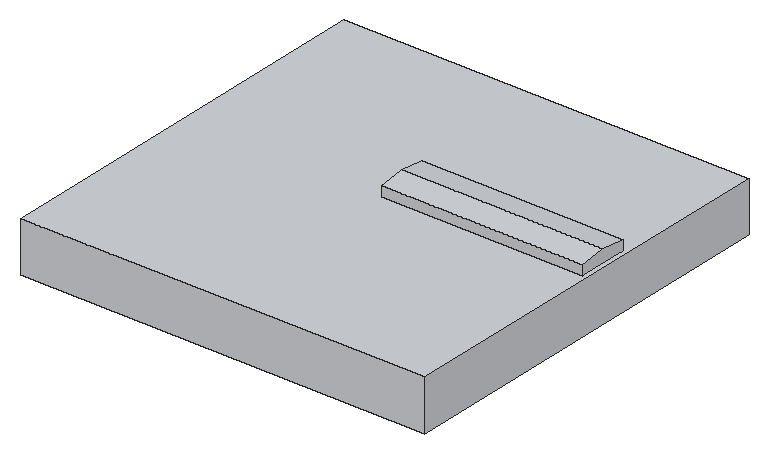
Revit family
Parameters
  Width = 1' - 0"
  URL = "www.coldspringgranite.com"
  TypicalJointSize = 0' - 0 1/4"
  StopDripRightVisibilityOn = and(and(DripOn), not(StopDripRightVisibilityOff))  # no
  StopDripRightVisibilityOff = and(DripStopRight = 0' 0", and(DripOn))  # yes
  StopDripLeftVisibilityOn = and(and(DripOn), not(StopDripLeftVisibilityOff))  # no
  StopDripLeftVisibilityOff = and(DripStopLeft = 0' 0", and(DripOn))  # yes
  StoneRidgePlacement = Width / 2  # 0' - 6"
  StoneMaterial = none
  StoneAngle = 7.00°
  SettingSpace = Height + AirGap  # 0' - 4"
  Product Name = "Match Website"
  Product Documentation Link = "Website Address"
  PhoneNumber = "800-551-7502"
  Notes = ""
  Model = "N/A"
  Manufacturer = "Cold Spring Granite Company"
  Low Emitting Material = yes
  Low Emitting Finish = yes
  Location = "17482 Granite West Road, Cold Spring, MN 56320-4578"
  Length = 4' - 0"
  LEED Credit = ""
  Keynote = "044256"
  JointRightOff = no
  JointRight = if(JointRightOff, 0' 0", TypicalJointSize / 2)  # 0' - 0 1/8"
  JointLeftOff = no
  JointLeft = if(JointLeftOff, 0' 0", TypicalJointSize / 2)  # 0' - 0 1/8"
  Height = 0' - 3 1/16"
  DripWidth = 0' - 0 1/4"
  DripVisibilityOff = not(DripOn)  # no
  DripToEdge = 0' - 0 1/2"
  DripStopRight = 0' - 0"
  DripStopLeft = 0' - 0"
  DripOnProfile = if(DripOn, 0' 0", Height)  # 0' - 0"
  DripOn = yes
  DripDepth = 0' - 0 1/4"
  Description = "Stone Coping Two Way Wash"
  Default Elevation = 0' - 0"
  CapOverhang = 0' - 1"
  Assembly Code = "B2010160"
  AirGap = 0' - 0 15/16"
Reference planes (in)
  plane 1 "Center (Front/Back)": y = 0
  plane 2: z = 0
  plane 3 "Center (Left/Right)": x = 0
  plane 4 "StoneBack": y = 11
  plane 5 "StoneFront": y = -1
  plane 6 "StoneTop": z = 4
  plane 7 "StoneBottom": z = 0.9375
  plane 8 "Right": x = 48
  plane 9 "StoneRight": x = 47.875
  plane 10 "StoneLeft": x = 0.125
  plane 11 "StoneRidge": y = 5
  plane 12 "DripTop": z = 1.1875
  plane 13 "DripBottom": z = 0.9375
  plane 14 "StopDripLeft": x = 0.125
  plane 15 "StopDripRight": x = 47.875
  plane 16 "BackDripFront": y = 10.5
  plane 17 "BackDripBack": y = 10.25
  plane 18 "FrontDripFront": y = -0.5
  plane 19 "FrontDripBack": y = -0.25
Forms (in)
  Extrusion 1, solid
    sketch origin (0, 0, 0) x (1, 0, 0) y (0, 1, 0)
      loop
        line (-48, 48) -> (-48, -48) -> (48, -48) -> (48, 48) -> (-48, 48)
    from 0 to -12
  Extrusion 2, solid, material <- "StoneMaterial", detail levels medium+fine
    sketch origin (0, -1, 0) x (0, 1, 0) y (0, 0, 1)
      loop
        line (6, 4) -> (0, 3.26329) -> (0, 0.9375) -> (12, 0.9375) -> (12, 3.26329) -> (6, 4)
    from 0.125 to 47.875
  Extrusion 3, solid, material <- "StoneMaterial", detail levels coarse
    sketch origin (0, 0, 0) x (0, 1, 0) y (0, 0, 1)
      loop
        line (11, 4) -> (-1, 4) -> (-1, 0.9375) -> (11, 0.9375) -> (11, 4)
    from 0 to 48
  Extrusion 4, void, detail levels medium+fine
    sketch origin (0, 0, 4) x (0, 1, 0) y (-1, 0, 0)
      loop
        line (-0.5, -0.125) -> (-0.5, -47.875) -> (-0.25, -47.875) -> (-0.25, -0.125) -> (-0.5, -0.125)
      loop
        line (10.25, -0.125) -> (10.25, -47.875) -> (10.5, -47.875) -> (10.5, -0.125) -> (10.25, -0.125)
    from -3.0625 to -2.8125
Cuts and joins
  Extrusion 4 cuts Extrusion 2
  Extrusion 4 cuts Extrusion 3
Lines and regions (in)
  Masking region 1, visible <- "DripVisibilityOff", detail levels medium+fine
    outline origin (0, 0, 0) x (0, 1, 0) y (0, 0, 1)
      loop
        line (5, 4) -> (-1, 3.26329) -> (-1, 0.9375) -> (11, 0.9375) -> (11, 3.26329) -> (5, 4)
  Masking region 2, detail levels coarse
    outline origin (0, 0, 0) x (0, 1, 0) y (0, 0, 1)
      loop
        line (11, 0.9375) -> (11, 4) -> (-1, 4) -> (-1, 0.9375) -> (11, 0.9375)
  Masking region 3, detail levels coarse
    outline origin (0, -1, 0) x (0, 0, -1) y (-1, 0, 0)
      loop
        line (-0.9375, 0) -> (-4, 0) -> (-4, -48) -> (-0.9375, -48) -> (-0.9375, 0)
  Masking region 4, detail levels medium+fine
    outline origin (0, -1, 0) x (0, 0, -1) y (-1, 0, 0)
      loop
        line (-0.9375, -47.875) -> (-0.9375, -0.125) -> (-4, -0.125) -> (-4, -47.875) -> (-0.9375, -47.875)
  Masking region 5, detail levels coarse
    outline origin (0, 0, 4) x (0, 1, 0) y (-1, 0, 0)
      loop
        line (11, 0) -> (-1, 0) -> (-1, -48) -> (11, -48) -> (11, 0)
  Masking region 6, detail levels medium+fine
    outline origin (0, 0, 4) x (0, 1, 0) y (-1, 0, 0)
      loop
        line (11, -0.125) -> (-1, -0.125) -> (-1, -47.875) -> (11, -47.875) -> (11, -0.125)
  Masking region 7, visible <- "DripOn", detail levels fine
    outline origin (0, 0, 0) x (0, 1, 0) y (0, 0, 1)
      loop
        line (5, 4) -> (-1, 3.26329) -> (-1, 0.9375) -> (-0.5, 0.9375) -> (-0.5, 1.1875) -> (-0.25, 1.1875) -> (-0.25, 0.9375) -> (10.25, 0.9375) -> (10.25, 1.1875) -> (10.5, 1.1875) -> (10.5, 0.9375) -> (11, 0.9375) -> (11, 3.26329) -> (5, 4)
  Masking region 8, visible <- "StopDripLeftVisibilityOff", detail levels medium
    outline origin (0.125, 0, 0) x (0, 0, 1) y (0, -1, 0)
      loop
        line (4, -5) -> (3.26329, 1) -> (0.9375, 1) -> (0.9375, 0.5) -> (1.1875, 0.5) -> (1.1875, 0.25) -> (0.9375, 0.25) -> (0.9375, -10.25) -> (1.1875, -10.25) -> (1.1875, -10.5) -> (0.9375, -10.5) -> (0.9375, -11) -> (3.26329, -11) -> (4, -5)
  Masking region 9, visible <- "StopDripRightVisibilityOff", detail levels medium
    outline origin (47.875, 0, 0) x (0, 0, 1) y (0, -1, 0)
      loop
        line (4, -5) -> (3.26329, 1) -> (0.9375, 1) -> (0.9375, 0.5) -> (1.1875, 0.5) -> (1.1875, 0.25) -> (0.9375, 0.25) -> (0.9375, -10.25) -> (1.1875, -10.25) -> (1.1875, -10.5) -> (0.9375, -10.5) -> (0.9375, -11) -> (3.26329, -11) -> (4, -5)
  Masking region 10, visible <- "StopDripLeftVisibilityOn", detail levels medium
    outline origin (0.125, 0, 0) x (0, 0, 1) y (0, -1, 0)
      loop
        line (4, -5) -> (3.26329, 1) -> (0.9375, 1) -> (0.9375, -11) -> (3.26329, -11) -> (4, -5)
  Masking region 11, visible <- "StopDripRightVisibilityOn", detail levels medium
    outline origin (47.875, 0, 0) x (0, 0, 1) y (0, -1, 0)
      loop
        line (4, -5) -> (3.26329, 1) -> (0.9375, 1) -> (0.9375, -11) -> (3.26329, -11) -> (4, -5)
  Masking region 12, visible <- "DripOn", detail levels medium+fine
    outline origin (0, 0, 0.9375) x (-1, 0, 0) y (0, -1, 0)
      loop
        line (-0.125, -10.5) -> (-0.125, -10.25) -> (-47.875, -10.25) -> (-47.875, -10.5) -> (-0.125, -10.5)
      loop
        line (-0.125, 0.25) -> (-0.125, 0.5) -> (-47.875, 0.5) -> (-47.875, 0.25) -> (-0.125, 0.25)
  reference lines
    curve 1: line (0, 5, 4) -> (0, 11, 3.26329)
    curve 2: line (0, 5, 4) -> (0, -1, 3.26329)
  symbolic lines, detail levels medium
    curve 3: line (47.875, 11, 3.26329) -> (0.125, 11, 3.26329)
  symbolic lines, detail levels medium+fine
    curve 4: line (0.125, 5, 4) -> (47.875, 5, 4)
  symbolic lines, visible <- "DripOn", detail levels fine
    curve 5: line (0.125, 11, 0.9375) -> (0.125, 11, 1.1875)
    curve 6: line (0.125, 11, 1.1875) -> (47.875, 11, 1.1875)
    curve 7: line (47.875, 11, 0.9375) -> (47.875, 11, 1.1875)
Dimensions and locks (in)
  "Length": plane 8 "Right" to plane 3 "Center (Left/Right)"
  "JointLeft": plane 10 "StoneLeft" to plane 3 "Center (Left/Right)"
  "JointRight": plane 8 "Right" to plane 9 "StoneRight"
  "Height": plane 6 "StoneTop" to plane 7 "StoneBottom"
  "SettingSpace": plane 6 "StoneTop" to plane 2
  "Width": plane 4 "StoneBack" to plane 5 "StoneFront"
  "CapOverhang": plane 1 "Center (Front/Back)" to plane 5 "StoneFront"
  "StoneRidgePlacement": plane 11 "StoneRidge" to plane 5 "StoneFront"
  "DripOnProfile": plane 7 "StoneBottom" to plane 13 "DripBottom"
  "DripDepth": plane 12 "DripTop" to plane 13 "DripBottom"
  "DripStopLeft": plane 14 "StopDripLeft" to plane 10 "StoneLeft"
  "DripStopRight": plane 15 "StopDripRight" to plane 9 "StoneRight"
  "DripToEdge": plane 4 "StoneBack" to plane 16 "BackDripFront"
  "DripToEdge": plane 18 "FrontDripFront" to plane 5 "StoneFront"
  "DripWidth": plane 16 "BackDripFront" to plane 17 "BackDripBack"
  "DripWidth": plane 19 "FrontDripBack" to plane 18 "FrontDripFront"
  "StoneAngle": angle curve 2 to plane 2
  "StoneAngle": angle plane 2 to curve 1
  aligned and locked: plane 2 to Extrusion 1
  aligned and locked: level to Extrusion 1
  aligned and locked: plane 11 "StoneRidge" to curve 2
  aligned and locked: plane 6 "StoneTop" to curve 2
  aligned and locked: plane 4 "StoneBack" to curve 1
  aligned and locked: plane 5 "StoneFront" to curve 2
  aligned and locked: Masking region 1 sketch curve to curve 1
  aligned and locked: Masking region 1 sketch curve to curve 2
  aligned and locked: plane 5 "StoneFront" to Masking region 1 sketch curve
  aligned and locked: plane 7 "StoneBottom" to Masking region 1 sketch curve
  aligned and locked: plane 4 "StoneBack" to Masking region 1 sketch curve
  aligned and locked: Extrusion 2 sketch curve to curve 1
  aligned and locked: Extrusion 2 sketch curve to curve 2
  aligned and locked: Extrusion 2 sketch curve to Masking region 1  (x3)
  aligned and locked: Extrusion 2 to plane 10 "StoneLeft"
  aligned and locked: plane 9 "StoneRight" to Extrusion 2
  aligned and locked: plane 4 "StoneBack" to Masking region 2 sketch curve
  aligned and locked: plane 5 "StoneFront" to Masking region 2 sketch curve
  aligned and locked: plane 6 "StoneTop" to Masking region 2 sketch curve
  aligned and locked: Extrusion 3 to plane 3 "Center (Left/Right)"
  aligned and locked: plane 8 "Right" to Extrusion 3
  aligned and locked: Masking region 3 sketch curve to Extrusion 3  (x2)
  aligned: Masking region 3 sketch curve to Extrusion 3  (x2)
  aligned and locked: Masking region 4 sketch curve to Extrusion 2  (x4)
  aligned: Extrusion 2 to curve 3
  aligned and locked: plane 10 "StoneLeft" to curve 3
  aligned and locked: plane 9 "StoneRight" to curve 3
  aligned and locked: curve 3 to Extrusion 2
  aligned and locked: Extrusion 3 to Masking region 5 sketch curve  (x2)
  aligned: Masking region 5 sketch curve to Extrusion 3
  aligned and locked: Masking region 6 sketch curve to Extrusion 2  (x4)
  aligned and locked: Extrusion 2 to curve 4
  aligned and locked: plane 10 "StoneLeft" to curve 4
  aligned and locked: plane 9 "StoneRight" to curve 4
  aligned and locked: Masking region 2 sketch curve to plane 7 "StoneBottom"
  aligned and locked: Masking region 3 sketch curve to plane 7 "StoneBottom"
  aligned and locked: Extrusion 3 sketch curve to plane 4 "StoneBack"
  aligned and locked: plane 5 "StoneFront" to Extrusion 3 sketch curve
  aligned and locked: plane 7 "StoneBottom" to Extrusion 3 sketch curve
  aligned and locked: Extrusion 3 sketch curve to plane 6 "StoneTop"
  aligned and locked: Masking region 3 to plane 6 "StoneTop"
  aligned and locked: Masking region 5 sketch curve to plane 4 "StoneBack"
  aligned and locked: Masking region 5 sketch curve to plane 5 "StoneFront"
  aligned and locked: Extrusion 4 sketch curve to plane 18 "FrontDripFront"
  aligned and locked: Extrusion 4 sketch curve to plane 19 "FrontDripBack"
  aligned and locked: Extrusion 4 sketch curve to plane 17 "BackDripBack"
  aligned and locked: Extrusion 4 sketch curve to plane 16 "BackDripFront"
  aligned and locked: Extrusion 4 sketch curve to plane 14 "StopDripLeft"  (x2)
  aligned and locked: Extrusion 4 sketch curve to plane 15 "StopDripRight"  (x2)
  aligned and locked: Extrusion 4 to plane 13 "DripBottom"
  aligned and locked: Extrusion 4 to plane 12 "DripTop"
  aligned and locked: plane 14 "StopDripLeft" to curve 5
  aligned and locked: plane 15 "StopDripRight" to curve 7
  aligned and locked: plane 13 "DripBottom" to curve 5
  aligned and locked: curve 7 to plane 13 "DripBottom"
  aligned and locked: plane 12 "DripTop" to curve 5
  aligned and locked: plane 14 "StopDripLeft" to curve 6
  aligned and locked: curve 7 to plane 12 "DripTop"
  aligned and locked: plane 15 "StopDripRight" to curve 6
  aligned and locked: Masking region 7 sketch curve to curve 1
  aligned and locked: Masking region 7 sketch curve to curve 2
  aligned and locked: plane 4 "StoneBack" to Masking region 7 sketch curve
  aligned and locked: plane 5 "StoneFront" to Masking region 7 sketch curve
  aligned and locked: plane 13 "DripBottom" to Masking region 7 sketch curve
  aligned and locked: plane 16 "BackDripFront" to Masking region 7 sketch curve
  aligned and locked: plane 17 "BackDripBack" to Masking region 7 sketch curve
  aligned and locked: plane 19 "FrontDripBack" to Masking region 7 sketch curve
  aligned and locked: plane 18 "FrontDripFront" to Masking region 7 sketch curve
  aligned and locked: plane 12 "DripTop" to Masking region 7 sketch curve
  aligned and locked: Masking region 7 sketch curve to plane 12 "DripTop"
  aligned and locked: Masking region 7 sketch curve to plane 13 "DripBottom"  (x2)
  aligned and locked: Masking region 8 sketch curve to curve 1
  aligned and locked: Masking region 8 sketch curve to curve 2
  aligned and locked: plane 4 "StoneBack" to Masking region 8 sketch curve
  aligned and locked: plane 5 "StoneFront" to Masking region 8 sketch curve
  aligned and locked: plane 18 "FrontDripFront" to Masking region 8 sketch curve
  aligned and locked: plane 19 "FrontDripBack" to Masking region 8 sketch curve
  aligned and locked: plane 17 "BackDripBack" to Masking region 8 sketch curve
  aligned and locked: plane 16 "BackDripFront" to Masking region 8 sketch curve
  aligned and locked: plane 12 "DripTop" to Masking region 8 sketch curve
  aligned and locked: plane 13 "DripBottom" to Masking region 8 sketch curve
  aligned and locked: Masking region 8 sketch curve to plane 13 "DripBottom"  (x2)
  aligned and locked: Masking region 8 sketch curve to plane 12 "DripTop"
  aligned and locked: Masking region 9 sketch curve to curve 1
  aligned and locked: Masking region 9 sketch curve to curve 2
  aligned and locked: plane 4 "StoneBack" to Masking region 9 sketch curve
  aligned and locked: plane 16 "BackDripFront" to Masking region 9 sketch curve
  aligned and locked: plane 17 "BackDripBack" to Masking region 9 sketch curve
  aligned and locked: plane 18 "FrontDripFront" to Masking region 9 sketch curve
  aligned and locked: plane 19 "FrontDripBack" to Masking region 9 sketch curve
  aligned and locked: plane 5 "StoneFront" to Masking region 9 sketch curve
  aligned and locked: plane 13 "DripBottom" to Masking region 9 sketch curve
  aligned and locked: plane 12 "DripTop" to Masking region 9 sketch curve
  aligned and locked: Masking region 9 sketch curve to plane 13 "DripBottom"  (x2)
  aligned and locked: Masking region 9 sketch curve to plane 12 "DripTop"
  aligned and locked: Masking region 10 sketch curve to curve 1
  aligned and locked: Masking region 10 sketch curve to curve 2
  aligned and locked: plane 4 "StoneBack" to Masking region 10 sketch curve
  aligned and locked: plane 5 "StoneFront" to Masking region 10 sketch curve
  aligned and locked: plane 13 "DripBottom" to Masking region 10 sketch curve
  aligned and locked: Masking region 11 sketch curve to curve 1
  aligned and locked: Masking region 11 sketch curve to curve 2
  aligned and locked: plane 4 "StoneBack" to Masking region 11 sketch curve
  aligned and locked: plane 13 "DripBottom" to Masking region 11 sketch curve
  aligned and locked: plane 5 "StoneFront" to Masking region 11 sketch curve
  aligned and locked: Masking region 12 sketch curve to plane 16 "BackDripFront"
  aligned and locked: Masking region 12 sketch curve to plane 17 "BackDripBack"
  aligned and locked: Masking region 12 sketch curve to plane 19 "FrontDripBack"
  aligned and locked: Masking region 12 sketch curve to plane 18 "FrontDripFront"
  aligned and locked: Masking region 12 sketch curve to plane 14 "StopDripLeft"  (x2)
  aligned and locked: Masking region 12 sketch curve to plane 15 "StopDripRight"  (x2)
Automatic sketch dimensions
  Extrusion 1 sketch curve to Extrusion 1 sketch curve = 8' - 0"  (x2)
  plane 11 "StoneRidge" to curve 4 = 0' - 0"
  plane 6 "StoneTop" to Masking region 3 sketch curve = 0' - 0"
Nested families (in)
  nested 1: "CopyRight" at (0, 0, 4), type "CopyRight"
Definition of nested family "CopyRight"
  Parameters (values of type "CopyRight")
    CopyRight = "Cold Spring Granite Company"
  Reference planes (in)
    plane 1: z = 0
